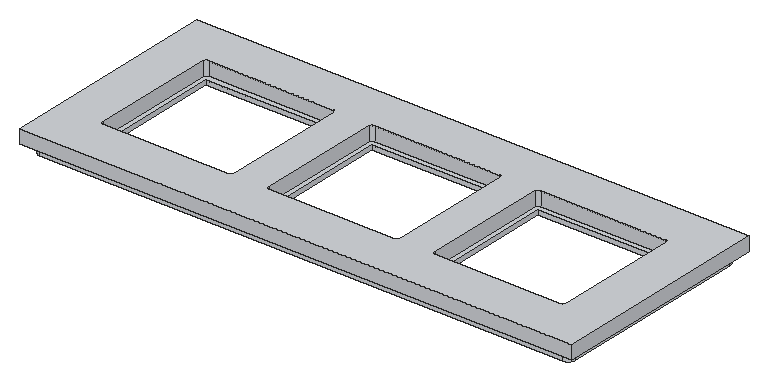
Revit family "Gira_0213221", category Electrical Fixtures, host Face, Revit 2017
Family settings
  Host = Face
  Maintain Annotation Orientation = No
  Round Connector Dimension = Use Diameter
  Part Type = Normal
  Cut with Voids When Loaded = No
  Shared = No
  Room Calculation Point = No
Parameters (values of type "Cov.fr. 3-g Gira Esprit Lin.pwd.lt.brown")
  With mounting grid = "No"
  With hinged lid = "No"
  URL = "http://katalog.gira.de/en/datenblatt.html?artikelnr=0213221"
  Type of fastening = "Clamp mounting"
  Transparent = "No"
  Surface protection = "Other"
  Suitable for wall duct = "No"
  Suitable for flush-mounted installation = "Yes"
  Suitable for floor box = "No"
  Suitable for built-in installation = "No"
  Number of units vertical = "3"
  Number of units horizontal = "3"
  Number of units = "3"
  Name = "Cov.fr. 3-g Gira Esprit Lin.pwd.lt.brown"
  Mounting direction = "Horizontal and vertical"
  Material quality = "Other"
  Material = "Other"
  Manufacturer URL = "https://www.gira.de/"
  Manufacturer = "Gira"
  Label space/information surface = "No"
  Keynote = ""
  HeinzeBIM = "https://bimportal.heinze.de/bim/cov-fr-3-g-gira-esprit-lin-pwd-lt-brown/6192c1ea9f980332c88514c7795561c71afb1956"
  Halogen free = "No"
  HAN = "0213221"
  GTIN = "4010337016021"
  Description = "Cov.fr.3g Espr. LPwLb,Gira Esprit cover frame,linoleum-plywood light brown,3-gang,Notes :,- Natural product. Colour deviations are possible.,- NCS value: approx. NCS S 6010-Y30R"
  Degree of protection (IP) = "IP20"
  Default Elevation = 1219.2 mm
  Data sheet (1) = "https://katalog.gira.de/en/download.html?artikelnr=0213221"
  Colour = "Other"
  Category = "Cover frame for domestic switching devices"
  BIM (1) = "https://media.stage.bim.site/public/gira/36a6b08/Espr._Rahmen_3fach.rfa"
  Available = "No"
Reference planes
  plane 1 "Center (Front/Back)": y = 0
  plane 2: z = 0
  plane 3 "Center (Left/Right)": x = 0
Forms (mm)
  Extrusion 1, solid, detail levels fine
    sketch origin (0, 0, 0) x (1, 0, 0) y (0, 1, 0)
      loop
        line (-118.4, 47.5) -> (-118.4, -47.5) -> (118.4, -47.5) -> (118.4, 47.5) -> (-118.4, 47.5)
      loop
        arc (-99.5, -26.7) -> (-99.061, -27.761) -> (-98, -28.2) r 1.5
        line (-98, -28.2) -> (-44.6, -28.2)
        arc (-44.6, -28.2) -> (-43.539, -27.761) -> (-43.1, -26.7) r 1.5
        line (-43.1, -26.7) -> (-43.1, 26.7)
        arc (-43.1, 26.7) -> (-43.539, 27.761) -> (-44.6, 28.2) r 1.5
        line (-44.6, 28.2) -> (-98, 28.2)
        arc (-98, 28.2) -> (-99.061, 27.761) -> (-99.5, 26.7) r 1.5
        line (-99.5, 26.7) -> (-99.5, -26.7)
      loop
        arc (-28.2, -26.7) -> (-27.761, -27.761) -> (-26.7, -28.2) r 1.5
        line (-26.7, -28.2) -> (26.7, -28.2)
        arc (26.7, -28.2) -> (27.761, -27.761) -> (28.2, -26.7) r 1.5
        line (28.2, -26.7) -> (28.2, 26.7)
        arc (28.2, 26.7) -> (27.761, 27.761) -> (26.7, 28.2) r 1.5
        line (26.7, 28.2) -> (-26.7, 28.2)
        arc (-26.7, 28.2) -> (-27.761, 27.761) -> (-28.2, 26.7) r 1.5
        line (-28.2, 26.7) -> (-28.2, -26.7)
      loop
        arc (43.1, -26.7) -> (43.539, -27.761) -> (44.6, -28.2) r 1.5
        line (44.6, -28.2) -> (98, -28.2)
        arc (98, -28.2) -> (99.061, -27.761) -> (99.5, -26.7) r 1.5
        line (99.5, -26.7) -> (99.5, 26.7)
        arc (99.5, 26.7) -> (99.061, 27.761) -> (98, 28.2) r 1.5
        line (98, 28.2) -> (44.6, 28.2)
        arc (44.6, 28.2) -> (43.539, 27.761) -> (43.1, 26.7) r 1.5
        line (43.1, 26.7) -> (43.1, -26.7)
    from 0 to 6
  Extrusion 2, solid, detail levels fine
    sketch origin (0, 0, 0) x (1, 0, 0) y (0, 1, 0)
      loop
        line (-97.2, -25.7) -> (-45.4, -25.7) -> (-45.4, 25.7) -> (-97.2, 25.7) -> (-97.2, -25.7)
      loop
        line (97.2, 25.7) -> (45.4, 25.7) -> (45.4, -25.7) -> (97.2, -25.7) -> (97.2, 25.7)
      loop
        arc (-114.002, -41.3) -> (-113.474, -42.573) -> (-112.202, -43.1) r 1.8
        line (-112.202, -43.1) -> (112.202, -43.1)
        arc (112.202, -43.1) -> (113.474, -42.573) -> (114.002, -41.3) r 1.8
        line (114.002, -41.3) -> (114.002, 41.3)
        arc (114.002, 41.3) -> (113.474, 42.573) -> (112.202, 43.1) r 1.8
        line (112.202, 43.1) -> (-112.202, 43.1)
        arc (-112.202, 43.1) -> (-113.474, 42.573) -> (-114.002, 41.3) r 1.8
        line (-114.002, 41.3) -> (-114.002, -41.3)
      loop
        line (25.9, 25.7) -> (-25.9, 25.7) -> (-25.9, -25.7) -> (25.9, -25.7) -> (25.9, 25.7)
    from -1.9 to 0
  Extrusion 3, solid, detail levels fine
    sketch origin (0, 0, 0) x (1, 0, 0) y (0, 1, 0)
      loop
        arc (-112.3, 44.4) -> (-114.421, 43.521) -> (-115.3, 41.4) r 3
        line (-115.3, 41.4) -> (-115.3, -41.4)
        arc (-115.3, -41.4) -> (-114.421, -43.521) -> (-112.3, -44.4) r 3
        line (-112.3, -44.4) -> (112.3, -44.4)
        arc (112.3, -44.4) -> (114.421, -43.521) -> (115.3, -41.4) r 3
        line (115.3, -41.4) -> (115.3, 41.4)
        arc (115.3, 41.4) -> (114.421, 43.521) -> (112.3, 44.4) r 3
        line (112.3, 44.4) -> (-112.3, 44.4)
      loop
        arc (-114.1, -41.4) -> (-113.573, -42.673) -> (-112.3, -43.2) r 1.8
        line (-112.3, -43.2) -> (112.3, -43.2)
        arc (112.3, -43.2) -> (113.573, -42.673) -> (114.1, -41.4) r 1.8
        line (114.1, -41.4) -> (114.1, 41.4)
        arc (114.1, 41.4) -> (113.573, 42.673) -> (112.3, 43.2) r 1.8
        line (112.3, 43.2) -> (-112.3, 43.2)
        arc (-112.3, 43.2) -> (-113.573, 42.673) -> (-114.1, 41.4) r 1.8
        line (-114.1, 41.4) -> (-114.1, -41.4)
    from -3.7 to 0
  Extrusion 4, solid, detail levels medium
    sketch origin (0, 0, 0) x (1, 0, 0) y (0, 1, 0)
      loop
        line (-118.4, 47.5) -> (-118.4, -47.5) -> (118.4, -47.5) -> (118.4, 47.5) -> (-118.4, 47.5)
    from 0 to 6
  Extrusion 5, solid, detail levels medium
    sketch origin (0, 0, 0) x (1, 0, 0) y (0, 1, 0)
      loop
        line (-115.3, 44.4) -> (-115.3, -44.4) -> (115.3, -44.4) -> (115.3, 44.4) -> (-115.3, 44.4)
    from -3.7 to 0
  Extrusion 6, solid, detail levels coarse
    sketch origin (0, 0, 0) x (1, 0, 0) y (0, 1, 0)
      loop
        line (-118.4, 47.5) -> (-118.4, -47.5) -> (118.4, -47.5) -> (118.4, 47.5) -> (-118.4, 47.5)
    from -3.7 to 6
Dimensions and locks
  aligned and locked: plane 2 to host face
  aligned and locked: level to host face
